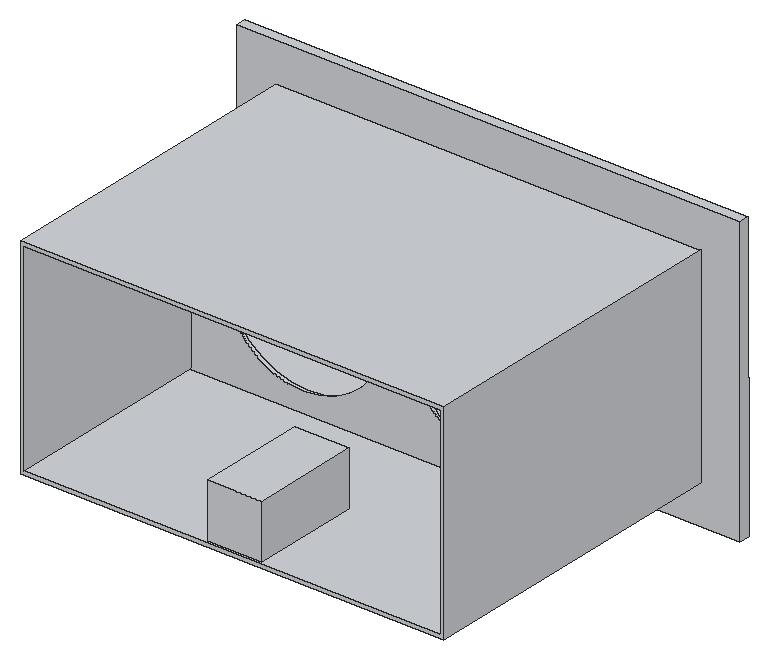
Revit family "CBF", category Mechanical Equipment, Revit 2019
Family settings
  Round Connector Dimension = Use Diameter
  Part Type = Normal
  Work Plane-Based = No
  Always vertical = Yes
  Cut with Voids When Loaded = No
  Shared = No
  Room Calculation Point = No
Parameters (values of type "CBF")
  Unit Weight [instance] = ""
  Sones [instance] = ""
  Motor RPM [instance] = ""
  Motor Enclosure [instance] = ""
  ModelID [instance] = ""
  LwA [instance] = ""
  HOUSING_WIDTH/2 = HOUSING_WIDTH / 2  # 7 13/16"
  HOUSING_WIDTH = 15 5/8"
  HOUSING_LENGTH/2 = HOUSING_LENGTH / 2  # 5 29/32"
  HOUSING_LENGTH = 11 13/16"
  HOUSING_HEIGHT/2 = HOUSING_HEIGHT / 2  # 3 27/32"
  HOUSING_HEIGHT = 7 11/16"
  GRILLE_WIDTH/2 = GRILLE_WIDTH / 2  # 9 9/32"
  GRILLE_WIDTH = 18 9/16"
  GRILLE_HEIGHT/2 = GRILLE_HEIGHT / 2  # 5 9/32"
  GRILLE_HEIGHT = 10 9/16"
  Fan RPM [instance] = ""
  Accessories [instance] = ""
  3.5 = 3 1/2"  # constant formula
  3" = 3"  # constant formula
  Brake Hp [instance] = ""
  4" = 4"  # constant formula
  2' = 24"
  2" = 2"  # constant formula
  1" = 1"  # constant formula
  0 = 0"  # constant formula
  Voltage [instance] = 0 V
  URL = "www.lorencook.com"
  Type Comments = "Transfer Fan Thru Wall Mounting Direct Drive"  # constant formula
  Static Pressure [instance] = 0.00 in-wg
  Power [instance] = Voltage * Motor FLA * sqrt(if(Phase = 3, 3, 1))  # 0 VA
  Phase [instance] = 0
  Number of Poles [instance] = 1
  Motor Hp [instance] = "0"
  Motor FLA [instance] = 0 A
  Model = "CBF"  # constant formula
  Manufacturer = "Loren Cook Company"
  CFM [instance] = 0 CFM
  1.5 = 1 1/2"  # constant formula
  HALF = 1/2"  # constant formula
  THREE EIGHTHS = 3/8"  # constant formula
  ONE EIGTH = 1/8"  # constant formula
Reference planes (in)
  plane 1 "Center (Front/Back)": y = 0
  plane 2: z = 0
  plane 3 "Center (Left/Right)": x = 0.40541
Forms (in)
  Extrusion 1, solid
    sketch origin (0, 0, 0) x (1, 0, 0) y (0, 0, 1)
      loop
        line (-8.87584, 5.28125) -> (-8.87584, -5.28125) -> (9.68666, -5.28125) -> (9.68666, 5.28125) -> (-8.87584, 5.28125)
    from 0 to -0.375
  Extrusion 2, solid
    sketch origin (0, 0, 0) x (1, 0, 0) y (0, 0, 1)
      loop
        line (-7.40709, 3.84375) -> (-7.40709, -3.84375) -> (8.21791, -3.84375) -> (8.21791, 3.84375) -> (-7.40709, 3.84375)
      loop
        line (-7.28209, 3.71875) -> (-7.28209, -3.71875) -> (8.09291, -3.71875) -> (8.09291, 3.71875) -> (-7.28209, 3.71875)
    from 0 to 11.8125 <- "HOUSING_LENGTH"
  Extrusion 3, solid
    sketch origin (0, 0, 0) x (1, 0, 0) y (0, 0, 1)
      loop
        line (-7.28209, 3.71875) -> (-7.28209, -3.84375) -> (8.09291, -3.84375) -> (8.09291, 3.71875) -> (-7.28209, 3.71875)
      loop
        circle (-3.09459, 0) r 3
      loop
        circle (3.90541, 0) r 3
    from 4.125 to 4
  Extrusion 4, solid
    sketch origin (8.09291, 0, -3.71875) x (-1, 0, 0) y (0, -1, 0)
      loop
        line (8.6875, 11.6875) -> (6.6875, 11.6875) -> (6.6875, 7.6875) -> (8.6875, 7.6875) -> (8.6875, 11.6875)
    from 0 to 2
  Extrusion 5, void, not visible
    sketch origin (-0.32134, 0, 0) x (1, 0, 0) y (0, 0, 1)
      loop
        circle (7.59291, 3.21875) r 0.375
    from 0 to -0.125
  Extrusion 6, void
    sketch origin (0, 0, 0) x (1, 0, 0) y (0, 0, 1)
      loop
        circle (7.28116, 2.97713) r 0.36319
    from 0 to -1
  Extrusion 7, void
    sketch origin (-1.25, 0, 0) x (1, 0, 0) y (0, 0, 1)
      loop
        circle (7.28116, 2.97713) r 0.36319
    from 0 to -1
  Extrusion 8, void
    sketch origin (-2.5, 0, 0) x (1, 0, 0) y (0, 0, 1)
      loop
        circle (7.28116, 2.97713) r 0.36319
    from 0 to -1
  Extrusion 9, void
    sketch origin (-3.75, 0, 0) x (1, 0, 0) y (0, 0, 1)
      loop
        circle (7.28116, 2.97713) r 0.36319
    from 0 to -1
  Extrusion 10, void
    sketch origin (-5, 0, 0) x (1, 0, 0) y (0, 0, 1)
      loop
        circle (7.28116, 2.97713) r 0.36319
    from 0 to -1
  Extrusion 11, void
    sketch origin (-6.25, 0, 0) x (1, 0, 0) y (0, 0, 1)
      loop
        circle (7.28116, 2.97713) r 0.36319
    from 0 to -1
  Extrusion 12, void
    sketch origin (-7.5, 0, 0) x (1, 0, 0) y (0, 0, 1)
      loop
        circle (7.28116, 2.97713) r 0.36319
    from 0 to -1
  Extrusion 13, void
    sketch origin (-8.75, 0, 0) x (1, 0, 0) y (0, 0, 1)
      loop
        circle (7.28116, 2.97713) r 0.36319
    from 0 to -1
  Extrusion 14, void
    sketch origin (-10, 0, 0) x (1, 0, 0) y (0, 0, 1)
      loop
        circle (7.28116, 2.97713) r 0.36319
    from 0 to -1
  Extrusion 15, void
    sketch origin (-11.25, 0, 0) x (1, 0, 0) y (0, 0, 1)
      loop
        circle (7.28116, 2.97713) r 0.36319
    from 0 to -1
  Extrusion 16, void
    sketch origin (-12.5, 0, 0) x (1, 0, 0) y (0, 0, 1)
      loop
        circle (7.28116, 2.97713) r 0.36319
    from 0 to -1
  Extrusion 17, void
    sketch origin (-13.75, 0, 0) x (1, 0, 0) y (0, 0, 1)
      loop
        circle (7.28116, 2.97713) r 0.36319
    from 0 to -1
  Extrusion 18, void, not visible
    sketch origin (0, 0, 0) x (1, 0, 0) y (0, 0, 1)
      loop
        circle (7.28116, 2.97713) r 0.36319
    from 0 to -1
  Extrusion 19, void
    sketch origin (0, 0, -1) x (1, 0, 0) y (0, 0, 1)
      loop
        circle (7.28116, 2.97713) r 0.36319
    from 0 to -1
  Extrusion 20, void
    sketch origin (-1.25, 0, -1) x (1, 0, 0) y (0, 0, 1)
      loop
        circle (7.28116, 2.97713) r 0.36319
    from 0 to -1
  Extrusion 21, void
    sketch origin (-2.5, 0, -1) x (1, 0, 0) y (0, 0, 1)
      loop
        circle (7.28116, 2.97713) r 0.36319
    from 0 to -1
  Extrusion 22, void
    sketch origin (-3.75, 0, -1) x (1, 0, 0) y (0, 0, 1)
      loop
        circle (7.28116, 2.97713) r 0.36319
    from 0 to -1
  Extrusion 23, void
    sketch origin (-5, 0, -1) x (1, 0, 0) y (0, 0, 1)
      loop
        circle (7.28116, 2.97713) r 0.36319
    from 0 to -1
  Extrusion 24, void
    sketch origin (-6.25, 0, -1) x (1, 0, 0) y (0, 0, 1)
      loop
        circle (7.28116, 2.97713) r 0.36319
    from 0 to -1
  Extrusion 25, void
    sketch origin (-7.5, 0, -1) x (1, 0, 0) y (0, 0, 1)
      loop
        circle (7.28116, 2.97713) r 0.36319
    from 0 to -1
  Extrusion 26, void
    sketch origin (-8.75, 0, -1) x (1, 0, 0) y (0, 0, 1)
      loop
        circle (7.28116, 2.97713) r 0.36319
    from 0 to -1
  Extrusion 27, void
    sketch origin (-10, 0, -1) x (1, 0, 0) y (0, 0, 1)
      loop
        circle (7.28116, 2.97713) r 0.36319
    from 0 to -1
  Extrusion 28, void
    sketch origin (-11.25, 0, -1) x (1, 0, 0) y (0, 0, 1)
      loop
        circle (7.28116, 2.97713) r 0.36319
    from 0 to -1
  Extrusion 29, void
    sketch origin (-12.5, 0, -1) x (1, 0, 0) y (0, 0, 1)
      loop
        circle (7.28116, 2.97713) r 0.36319
    from 0 to -1
  Extrusion 30, void
    sketch origin (-13.75, 0, -1) x (1, 0, 0) y (0, 0, 1)
      loop
        circle (7.28116, 2.97713) r 0.36319
    from 0 to -1
  Extrusion 31, void
    sketch origin (0, 0, -2) x (1, 0, 0) y (0, 0, 1)
      loop
        circle (7.28116, 2.97713) r 0.36319
    from 0 to -1
  Extrusion 32, void
    sketch origin (-1.25, 0, -2) x (1, 0, 0) y (0, 0, 1)
      loop
        circle (7.28116, 2.97713) r 0.36319
    from 0 to -1
  Extrusion 33, void
    sketch origin (-2.5, 0, -2) x (1, 0, 0) y (0, 0, 1)
      loop
        circle (7.28116, 2.97713) r 0.36319
    from 0 to -1
  Extrusion 34, void
    sketch origin (-3.75, 0, -2) x (1, 0, 0) y (0, 0, 1)
      loop
        circle (7.28116, 2.97713) r 0.36319
    from 0 to -1
  Extrusion 35, void
    sketch origin (-5, 0, -2) x (1, 0, 0) y (0, 0, 1)
      loop
        circle (7.28116, 2.97713) r 0.36319
    from 0 to -1
  Extrusion 36, void
    sketch origin (-6.25, 0, -2) x (1, 0, 0) y (0, 0, 1)
      loop
        circle (7.28116, 2.97713) r 0.36319
    from 0 to -1
  Extrusion 37, void
    sketch origin (-7.5, 0, -2) x (1, 0, 0) y (0, 0, 1)
      loop
        circle (7.28116, 2.97713) r 0.36319
    from 0 to -1
  Extrusion 38, void
    sketch origin (-8.75, 0, -2) x (1, 0, 0) y (0, 0, 1)
      loop
        circle (7.28116, 2.97713) r 0.36319
    from 0 to -1
  Extrusion 39, void
    sketch origin (-10, 0, -2) x (1, 0, 0) y (0, 0, 1)
      loop
        circle (7.28116, 2.97713) r 0.36319
    from 0 to -1
  Extrusion 40, void
    sketch origin (-11.25, 0, -2) x (1, 0, 0) y (0, 0, 1)
      loop
        circle (7.28116, 2.97713) r 0.36319
    from 0 to -1
  Extrusion 41, void
    sketch origin (-12.5, 0, -2) x (1, 0, 0) y (0, 0, 1)
      loop
        circle (7.28116, 2.97713) r 0.36319
    from 0 to -1
  Extrusion 42, void
    sketch origin (-13.75, 0, -2) x (1, 0, 0) y (0, 0, 1)
      loop
        circle (7.28116, 2.97713) r 0.36319
    from 0 to -1
  Extrusion 43, void
    sketch origin (0, 0, -3) x (1, 0, 0) y (0, 0, 1)
      loop
        circle (7.28116, 2.97713) r 0.36319
    from 0 to -1
  Extrusion 44, void
    sketch origin (-1.25, 0, -3) x (1, 0, 0) y (0, 0, 1)
      loop
        circle (7.28116, 2.97713) r 0.36319
    from 0 to -1
  Extrusion 45, void
    sketch origin (-2.5, 0, -3) x (1, 0, 0) y (0, 0, 1)
      loop
        circle (7.28116, 2.97713) r 0.36319
    from 0 to -1
  Extrusion 46, void
    sketch origin (-3.75, 0, -3) x (1, 0, 0) y (0, 0, 1)
      loop
        circle (7.28116, 2.97713) r 0.36319
    from 0 to -1
  Extrusion 47, void
    sketch origin (-5, 0, -3) x (1, 0, 0) y (0, 0, 1)
      loop
        circle (7.28116, 2.97713) r 0.36319
    from 0 to -1
  Extrusion 48, void
    sketch origin (-6.25, 0, -3) x (1, 0, 0) y (0, 0, 1)
      loop
        circle (7.28116, 2.97713) r 0.36319
    from 0 to -1
  Extrusion 49, void
    sketch origin (-7.5, 0, -3) x (1, 0, 0) y (0, 0, 1)
      loop
        circle (7.28116, 2.97713) r 0.36319
    from 0 to -1
  Extrusion 50, void
    sketch origin (-8.75, 0, -3) x (1, 0, 0) y (0, 0, 1)
      loop
        circle (7.28116, 2.97713) r 0.36319
    from 0 to -1
  Extrusion 51, void
    sketch origin (-10, 0, -3) x (1, 0, 0) y (0, 0, 1)
      loop
        circle (7.28116, 2.97713) r 0.36319
    from 0 to -1
  Extrusion 52, void
    sketch origin (-11.25, 0, -3) x (1, 0, 0) y (0, 0, 1)
      loop
        circle (7.28116, 2.97713) r 0.36319
    from 0 to -1
  Extrusion 53, void
    sketch origin (-12.5, 0, -3) x (1, 0, 0) y (0, 0, 1)
      loop
        circle (7.28116, 2.97713) r 0.36319
    from 0 to -1
  Extrusion 54, void
    sketch origin (-13.75, 0, -3) x (1, 0, 0) y (0, 0, 1)
      loop
        circle (7.28116, 2.97713) r 0.36319
    from 0 to -1
  Extrusion 55, void
    sketch origin (0, 0, -4) x (1, 0, 0) y (0, 0, 1)
      loop
        circle (7.28116, 2.97713) r 0.36319
    from 0 to -1
  Extrusion 56, void
    sketch origin (-1.25, 0, -4) x (1, 0, 0) y (0, 0, 1)
      loop
        circle (7.28116, 2.97713) r 0.36319
    from 0 to -1
  Extrusion 57, void
    sketch origin (-2.5, 0, -4) x (1, 0, 0) y (0, 0, 1)
      loop
        circle (7.28116, 2.97713) r 0.36319
    from 0 to -1
  Extrusion 58, void
    sketch origin (-3.75, 0, -4) x (1, 0, 0) y (0, 0, 1)
      loop
        circle (7.28116, 2.97713) r 0.36319
    from 0 to -1
  Extrusion 59, void
    sketch origin (-5, 0, -4) x (1, 0, 0) y (0, 0, 1)
      loop
        circle (7.28116, 2.97713) r 0.36319
    from 0 to -1
  Extrusion 60, void
    sketch origin (-6.25, 0, -4) x (1, 0, 0) y (0, 0, 1)
      loop
        circle (7.28116, 2.97713) r 0.36319
    from 0 to -1
  Extrusion 61, void
    sketch origin (-7.5, 0, -4) x (1, 0, 0) y (0, 0, 1)
      loop
        circle (7.28116, 2.97713) r 0.36319
    from 0 to -1
  Extrusion 62, void
    sketch origin (-8.75, 0, -4) x (1, 0, 0) y (0, 0, 1)
      loop
        circle (7.28116, 2.97713) r 0.36319
    from 0 to -1
  Extrusion 63, void
    sketch origin (-10, 0, -4) x (1, 0, 0) y (0, 0, 1)
      loop
        circle (7.28116, 2.97713) r 0.36319
    from 0 to -1
  Extrusion 64, void
    sketch origin (-11.25, 0, -4) x (1, 0, 0) y (0, 0, 1)
      loop
        circle (7.28116, 2.97713) r 0.36319
    from 0 to -1
  Extrusion 65, void
    sketch origin (-12.5, 0, -4) x (1, 0, 0) y (0, 0, 1)
      loop
        circle (7.28116, 2.97713) r 0.36319
    from 0 to -1
  Extrusion 66, void
    sketch origin (-13.75, 0, -4) x (1, 0, 0) y (0, 0, 1)
      loop
        circle (7.28116, 2.97713) r 0.36319
    from 0 to -1
  Extrusion 67, void
    sketch origin (0, 0, -5) x (1, 0, 0) y (0, 0, 1)
      loop
        circle (7.28116, 2.97713) r 0.36319
    from 0 to -1
  Extrusion 68, void
    sketch origin (-1.25, 0, -5) x (1, 0, 0) y (0, 0, 1)
      loop
        circle (7.28116, 2.97713) r 0.36319
    from 0 to -1
  Extrusion 69, void
    sketch origin (-2.5, 0, -5) x (1, 0, 0) y (0, 0, 1)
      loop
        circle (7.28116, 2.97713) r 0.36319
    from 0 to -1
  Extrusion 70, void
    sketch origin (-3.75, 0, -5) x (1, 0, 0) y (0, 0, 1)
      loop
        circle (7.28116, 2.97713) r 0.36319
    from 0 to -1
  Extrusion 71, void
    sketch origin (-5, 0, -5) x (1, 0, 0) y (0, 0, 1)
      loop
        circle (7.28116, 2.97713) r 0.36319
    from 0 to -1
  Extrusion 72, void
    sketch origin (-6.25, 0, -5) x (1, 0, 0) y (0, 0, 1)
      loop
        circle (7.28116, 2.97713) r 0.36319
    from 0 to -1
  Extrusion 73, void
    sketch origin (-7.5, 0, -5) x (1, 0, 0) y (0, 0, 1)
      loop
        circle (7.28116, 2.97713) r 0.36319
    from 0 to -1
  Extrusion 74, void
    sketch origin (-8.75, 0, -5) x (1, 0, 0) y (0, 0, 1)
      loop
        circle (7.28116, 2.97713) r 0.36319
    from 0 to -1
  Extrusion 75, void
    sketch origin (-10, 0, -5) x (1, 0, 0) y (0, 0, 1)
      loop
        circle (7.28116, 2.97713) r 0.36319
    from 0 to -1
  Extrusion 76, void
    sketch origin (-11.25, 0, -5) x (1, 0, 0) y (0, 0, 1)
      loop
        circle (7.28116, 2.97713) r 0.36319
    from 0 to -1
  Extrusion 77, void
    sketch origin (-12.5, 0, -5) x (1, 0, 0) y (0, 0, 1)
      loop
        circle (7.28116, 2.97713) r 0.36319
    from 0 to -1
  Extrusion 78, void
    sketch origin (-13.75, 0, -5) x (1, 0, 0) y (0, 0, 1)
      loop
        circle (7.28116, 2.97713) r 0.36319
    from 0 to -1
  Extrusion 79, void
    sketch origin (0, 0, -6) x (1, 0, 0) y (0, 0, 1)
      loop
        circle (7.28116, 2.97713) r 0.36319
    from 0 to -1
  Extrusion 80, void
    sketch origin (-1.25, 0, -6) x (1, 0, 0) y (0, 0, 1)
      loop
        circle (7.28116, 2.97713) r 0.36319
    from 0 to -1
  Extrusion 81, void
    sketch origin (-2.5, 0, -6) x (1, 0, 0) y (0, 0, 1)
      loop
        circle (7.28116, 2.97713) r 0.36319
    from 0 to -1
  Extrusion 82, void
    sketch origin (-3.75, 0, -6) x (1, 0, 0) y (0, 0, 1)
      loop
        circle (7.28116, 2.97713) r 0.36319
    from 0 to -1
  Extrusion 83, void
    sketch origin (-5, 0, -6) x (1, 0, 0) y (0, 0, 1)
      loop
        circle (7.28116, 2.97713) r 0.36319
    from 0 to -1
  Extrusion 84, void
    sketch origin (-6.25, 0, -6) x (1, 0, 0) y (0, 0, 1)
      loop
        circle (7.28116, 2.97713) r 0.36319
    from 0 to -1
  Extrusion 85, void
    sketch origin (-7.5, 0, -6) x (1, 0, 0) y (0, 0, 1)
      loop
        circle (7.28116, 2.97713) r 0.36319
    from 0 to -1
  Extrusion 86, void
    sketch origin (-8.75, 0, -6) x (1, 0, 0) y (0, 0, 1)
      loop
        circle (7.28116, 2.97713) r 0.36319
    from 0 to -1
  Extrusion 87, void
    sketch origin (-10, 0, -6) x (1, 0, 0) y (0, 0, 1)
      loop
        circle (7.28116, 2.97713) r 0.36319
    from 0 to -1
  Extrusion 88, void
    sketch origin (-11.25, 0, -6) x (1, 0, 0) y (0, 0, 1)
      loop
        circle (7.28116, 2.97713) r 0.36319
    from 0 to -1
  Extrusion 89, void
    sketch origin (-12.5, 0, -6) x (1, 0, 0) y (0, 0, 1)
      loop
        circle (7.28116, 2.97713) r 0.36319
    from 0 to -1
  Extrusion 90, void
    sketch origin (-13.75, 0, -6) x (1, 0, 0) y (0, 0, 1)
      loop
        circle (7.28116, 2.97713) r 0.36319
    from 0 to -1
Cuts and joins
  Extrusion 6, Extrusion 7, Extrusion 8, Extrusion 9, Extrusion 10, Extrusion 11, Extrusion 12, Extrusion 13, Extrusion 14, Extrusion 15, Extrusion 16, Extrusion 17, Extrusion 19, Extrusion 20, Extrusion 21, Extrusion 22, Extrusion 23, Extrusion 24, Extrusion 25, Extrusion 26, Extrusion 27, Extrusion 28, Extrusion 29, Extrusion 30, Extrusion 31, Extrusion 32, Extrusion 33, Extrusion 34, Extrusion 35, Extrusion 36, Extrusion 37, Extrusion 38, Extrusion 39, Extrusion 40, Extrusion 41, Extrusion 42, Extrusion 43, Extrusion 44, Extrusion 45, Extrusion 46, Extrusion 47, Extrusion 48, Extrusion 49, Extrusion 50, Extrusion 51, Extrusion 52, Extrusion 53, Extrusion 54, Extrusion 55, Extrusion 56, Extrusion 57, Extrusion 58, Extrusion 59, Extrusion 60, Extrusion 61, Extrusion 62, Extrusion 63, Extrusion 64, Extrusion 65, Extrusion 66, Extrusion 67, Extrusion 68, Extrusion 69, Extrusion 70, Extrusion 71, Extrusion 72, Extrusion 73, Extrusion 74, Extrusion 75, Extrusion 76, Extrusion 77, Extrusion 78, Extrusion 79, Extrusion 80, Extrusion 81, Extrusion 82, Extrusion 83, Extrusion 84, Extrusion 85, Extrusion 86, Extrusion 87, Extrusion 88, Extrusion 89, Extrusion 90 cuts Extrusion 1
  Extrusion 6, Extrusion 7, Extrusion 8, Extrusion 9, Extrusion 10, Extrusion 11, Extrusion 12, Extrusion 13, Extrusion 14, Extrusion 15, Extrusion 16, Extrusion 17, Extrusion 19, Extrusion 20, Extrusion 21, Extrusion 22, Extrusion 23, Extrusion 24, Extrusion 25, Extrusion 26, Extrusion 27, Extrusion 28, Extrusion 29, Extrusion 30, Extrusion 31, Extrusion 32, Extrusion 33, Extrusion 34, Extrusion 35, Extrusion 36, Extrusion 37, Extrusion 38, Extrusion 39, Extrusion 40, Extrusion 41, Extrusion 42, Extrusion 43, Extrusion 44, Extrusion 45, Extrusion 46, Extrusion 47, Extrusion 48, Extrusion 49, Extrusion 50, Extrusion 51, Extrusion 52, Extrusion 53, Extrusion 54, Extrusion 55, Extrusion 56, Extrusion 57, Extrusion 58, Extrusion 59, Extrusion 60, Extrusion 61, Extrusion 62, Extrusion 63, Extrusion 64, Extrusion 65, Extrusion 66, Extrusion 67, Extrusion 68, Extrusion 69, Extrusion 70, Extrusion 71, Extrusion 72, Extrusion 73, Extrusion 74, Extrusion 75, Extrusion 76, Extrusion 77, Extrusion 78, Extrusion 79, Extrusion 80, Extrusion 81, Extrusion 82, Extrusion 83, Extrusion 84, Extrusion 85, Extrusion 86, Extrusion 87, Extrusion 88, Extrusion 89, Extrusion 90 cuts Extrusion 2
Dimensions and locks (in)
  "GRILLE_WIDTH/2": plane 3 "Center (Left/Right)" to Extrusion 1 sketch curve
  "GRILLE_WIDTH/2": Extrusion 1 sketch curve to plane 3 "Center (Left/Right)"
  "GRILLE_HEIGHT/2": Extrusion 1 sketch curve to level
  "GRILLE_HEIGHT/2": level to Extrusion 1 sketch curve
  "HOUSING_WIDTH/2": plane 3 "Center (Left/Right)" to Extrusion 2 sketch curve
  "HOUSING_WIDTH/2": Extrusion 2 sketch curve to plane 3 "Center (Left/Right)"
  "HOUSING_HEIGHT/2": Extrusion 2 sketch curve to level
  "HOUSING_HEIGHT/2": level to Extrusion 2 sketch curve
  "ONE EIGTH": Extrusion 2 sketch curve to Extrusion 2 sketch curve  (x4)
  "0": Extrusion 2 to Extrusion 3 sketch curve
  "0": Extrusion 3 sketch curve to Extrusion 2  (x3)
  "0": Extrusion 3 sketch curve to level  (x2)
  "3.5": plane 3 "Center (Left/Right)" to Extrusion 3 sketch curve
  "3.5": Extrusion 3 sketch curve to plane 3 "Center (Left/Right)"
  "1"": plane 3 "Center (Left/Right)" to Extrusion 4 sketch curve
  "1"": Extrusion 4 sketch curve to plane 3 "Center (Left/Right)"
  "ONE EIGTH": Extrusion 2 to Extrusion 4 sketch curve
  "4"": Extrusion 4 sketch curve to Extrusion 4 sketch curve
  equal spacing: group 13, group 12, group 11, group 10, group 9, group 8, group 7, group 6, group 5, group 4, group 3, group 2
  equal spacing: group 2, group 3, group 4, group 5, group 6, group 7, group 8, group 9, group 10, group 11, group 12, group 13  (x2)
  equal spacing: group 27, group 26, group 25, group 24, group 23, group 22, group 21, group 20, group 19, group 18, group 17, group 16
  equal spacing: group 16, group 17, group 18, group 19, group 20, group 21, group 22, group 23, group 24, group 25, group 26, group 27  (x2)
  equal spacing: group 14, group 28, group 41, group 54, group 67, group 80, group 93  (x2)
  equal spacing: group 93, group 80, group 67, group 54, group 41, group 28, group 14
  equal spacing: group 40, group 39, group 38, group 37, group 36, group 35, group 34, group 33, group 32, group 31, group 30, group 29
  equal spacing: group 29, group 30, group 31, group 32, group 33, group 34, group 35, group 36, group 37, group 38, group 39, group 40  (x2)
  equal spacing: group 53, group 52, group 51, group 50, group 49, group 48, group 47, group 46, group 45, group 44, group 43, group 42
  equal spacing: group 42, group 43, group 44, group 45, group 46, group 47, group 48, group 49, group 50, group 51, group 52, group 53  (x2)
  equal spacing: group 66, group 65, group 64, group 63, group 62, group 61, group 60, group 59, group 58, group 57, group 56, group 55
  equal spacing: group 55, group 56, group 57, group 58, group 59, group 60, group 61, group 62, group 63, group 64, group 65, group 66  (x2)
  equal spacing: group 79, group 78, group 77, group 76, group 75, group 74, group 73, group 72, group 71, group 70, group 69, group 68
  equal spacing: group 68, group 69, group 70, group 71, group 72, group 73, group 74, group 75, group 76, group 77, group 78, group 79  (x2)
  equal spacing: group 92, group 91, group 90, group 89, group 88, group 87, group 86, group 85, group 84, group 83, group 82, group 81
  equal spacing: group 81, group 82, group 83, group 84, group 85, group 86, group 87, group 88, group 89, group 90, group 91, group 92  (x2)
  "3"": radius of Extrusion 3 sketch curve  (x2)
Automatic sketch dimensions
  radius of Extrusion 5 sketch curve = 3/8"
  radius of Extrusion 6 sketch curve = 0.36319"
  radius of Extrusion 7 sketch curve = 0.36319"
  radius of Extrusion 8 sketch curve = 0.36319"
  radius of Extrusion 9 sketch curve = 0.36319"
  radius of Extrusion 10 sketch curve = 0.36319"
  radius of Extrusion 11 sketch curve = 0.36319"
  radius of Extrusion 12 sketch curve = 0.36319"
  radius of Extrusion 13 sketch curve = 0.36319"
  radius of Extrusion 14 sketch curve = 0.36319"
  radius of Extrusion 15 sketch curve = 0.36319"
  radius of Extrusion 16 sketch curve = 0.36319"
  radius of Extrusion 17 sketch curve = 0.36319"
  radius of Extrusion 18 sketch curve = 0.36319"
  radius of Extrusion 19 sketch curve = 0.36319"
  radius of Extrusion 20 sketch curve = 0.36319"
  radius of Extrusion 21 sketch curve = 0.36319"
  radius of Extrusion 22 sketch curve = 0.36319"
  radius of Extrusion 23 sketch curve = 0.36319"
  radius of Extrusion 24 sketch curve = 0.36319"
  radius of Extrusion 25 sketch curve = 0.36319"
  radius of Extrusion 26 sketch curve = 0.36319"
  radius of Extrusion 27 sketch curve = 0.36319"
  radius of Extrusion 28 sketch curve = 0.36319"
  radius of Extrusion 29 sketch curve = 0.36319"
  radius of Extrusion 30 sketch curve = 0.36319"
  radius of Extrusion 31 sketch curve = 0.36319"
  radius of Extrusion 32 sketch curve = 0.36319"
  radius of Extrusion 33 sketch curve = 0.36319"
  radius of Extrusion 34 sketch curve = 0.36319"
  radius of Extrusion 35 sketch curve = 0.36319"
  radius of Extrusion 36 sketch curve = 0.36319"
  radius of Extrusion 37 sketch curve = 0.36319"
  radius of Extrusion 38 sketch curve = 0.36319"
  radius of Extrusion 39 sketch curve = 0.36319"
  radius of Extrusion 40 sketch curve = 0.36319"
  radius of Extrusion 41 sketch curve = 0.36319"
  radius of Extrusion 42 sketch curve = 0.36319"
  radius of Extrusion 43 sketch curve = 0.36319"
  radius of Extrusion 44 sketch curve = 0.36319"
  radius of Extrusion 45 sketch curve = 0.36319"
  radius of Extrusion 46 sketch curve = 0.36319"
  radius of Extrusion 47 sketch curve = 0.36319"
  radius of Extrusion 48 sketch curve = 0.36319"
  radius of Extrusion 49 sketch curve = 0.36319"
  radius of Extrusion 50 sketch curve = 0.36319"
  radius of Extrusion 51 sketch curve = 0.36319"
  radius of Extrusion 52 sketch curve = 0.36319"
  radius of Extrusion 53 sketch curve = 0.36319"
  radius of Extrusion 54 sketch curve = 0.36319"
  radius of Extrusion 55 sketch curve = 0.36319"
  radius of Extrusion 56 sketch curve = 0.36319"
  radius of Extrusion 57 sketch curve = 0.36319"
  radius of Extrusion 58 sketch curve = 0.36319"
  radius of Extrusion 59 sketch curve = 0.36319"
  radius of Extrusion 60 sketch curve = 0.36319"
  radius of Extrusion 61 sketch curve = 0.36319"
  radius of Extrusion 62 sketch curve = 0.36319"
  radius of Extrusion 63 sketch curve = 0.36319"
  radius of Extrusion 64 sketch curve = 0.36319"
  radius of Extrusion 65 sketch curve = 0.36319"
  radius of Extrusion 66 sketch curve = 0.36319"
  radius of Extrusion 67 sketch curve = 0.36319"
  radius of Extrusion 68 sketch curve = 0.36319"
  radius of Extrusion 69 sketch curve = 0.36319"
  radius of Extrusion 70 sketch curve = 0.36319"
  radius of Extrusion 71 sketch curve = 0.36319"
  radius of Extrusion 72 sketch curve = 0.36319"
  radius of Extrusion 73 sketch curve = 0.36319"
  radius of Extrusion 74 sketch curve = 0.36319"
  radius of Extrusion 75 sketch curve = 0.36319"
  radius of Extrusion 76 sketch curve = 0.36319"
  radius of Extrusion 77 sketch curve = 0.36319"
  radius of Extrusion 78 sketch curve = 0.36319"
  radius of Extrusion 79 sketch curve = 0.36319"
  radius of Extrusion 80 sketch curve = 0.36319"
  radius of Extrusion 81 sketch curve = 0.36319"
  radius of Extrusion 82 sketch curve = 0.36319"
  radius of Extrusion 83 sketch curve = 0.36319"
  radius of Extrusion 84 sketch curve = 0.36319"
  radius of Extrusion 85 sketch curve = 0.36319"
  radius of Extrusion 86 sketch curve = 0.36319"
  radius of Extrusion 87 sketch curve = 0.36319"
  radius of Extrusion 88 sketch curve = 0.36319"
  radius of Extrusion 89 sketch curve = 0.36319"
  radius of Extrusion 90 sketch curve = 0.36319"
Connectors (in)
  electrical at (0.40541, -11.6875, -2.71875)
    settings: on Extrusion 4, index 1, voltage 0 V, apparent load 0 VA, apparent load phase1 0 VA, apparent load phase2 0 VA, apparent load phase3 0 VA, power factor 1, load classification "Other", number of poles 1, system type 30, power factor state 1, is connector primary yes, connector utility no, sub classification motor no, connector description ""
  hvac at (0.40541, -11.8125, 0), driven by "CFM", driven by "HOUSING_HEIGHT", driven by "HOUSING_WIDTH"
    settings: on Extrusion 2, index 2, duct flow 0 CFM, flow factor 0, pres drop 0.00 in-wg, loss coef 0, conn angle 0.00°, conn width 15 5/8", conn height 7 11/16", conn diameter 24", duct sys type 29, conn prof type 1, flow config 0, flow direction 0, loss method 0, conn ref index -1, conn util no, is conn primary yes, conn desc ""
